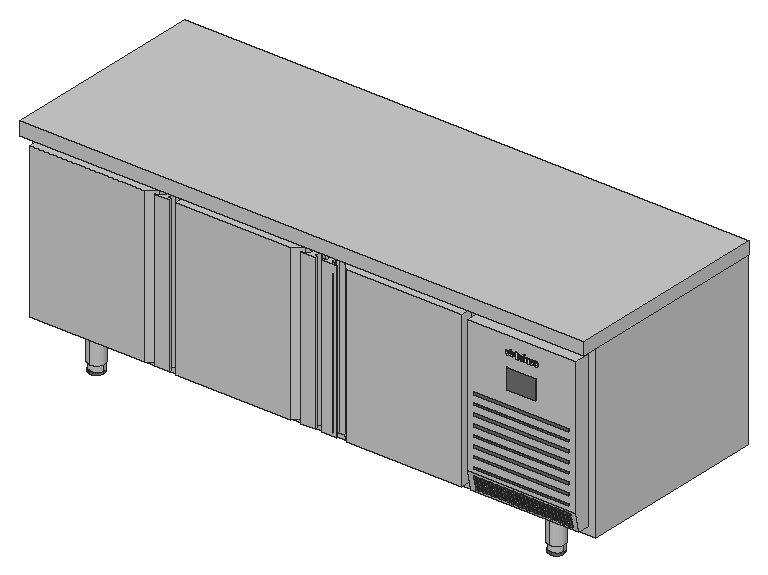
Revit family "QF_INFRICO_MR2190_250813022642", category Specialty Equipment, Revit 2021 (continued)
Definition of nested family "QF_INFRICO_LEGS_8026"
  Parameters (values of type "LEGS_2190_740")
    Default Elevation = 0 mm
    CentralLegs = if(or(Length > 2200 mm, Length = 2144 mm), 2 > 1, 2 < 1)  # no
    CSI MasterFormat [instance] = ""
    CE Approved [instance] = yes
    Barcode [instance] = ""
    Author [instance] = ""
    Asset Identifier [instance] = ""
    Assembly Code = "E1090320"
    Accessory [instance] = yes
  Types (29, lengths in mm): name | Model | Length | Height | Depth | CentralLegs
    LEGS_1960_700 | "LEGS_1960_700" | 1960 | 140 | 700 | no
    LEGS_1470_700 | "LEGS_1470_700" | 1468 | 140 | 700 | no
    LEGS_2450_700 | "LEGS_2450_700" | 2452 | 140 | 700 | yes
    LEGS_1470_600 | "LEGS_1470_600" | 1468 | 140 | 600 | no
    LEGS_1960_600 | "LEGS_1960_600" | 1960 | 140 | 600 | no
    LEGS_2450_600 | "LEGS_2450_600" | 2452 | 140 | 600 | yes
    LEGS_1610_800 | "LEGS_1610_800" | 1618 | 140 | 800 | no
    LEGS_2190_800 | "LEGS_2190_800" | 2185 | 140 | 800 | no
    LEGS_2750_800 | "LEGS_2750_800" | 2752 | 140 | 800 | yes
    LEGS_1160_700 | "LEGS_1160_700" | 1160 | 140 | 700 | no
    LEGS_1650_700 | "LEGS_1650_700" | 1652 | 140 | 700 | no
    LEGS_2140_700 | "LEGS_2140_700" | 2144 | 140 | 700 | yes
    LEGS_1960_640 | "LEGS_1960_640" | 1960 | 140 | 638 | no
    LEGS_1470_640 | "LEGS_1470_640" | 1468 | 140 | 638 | no
    LEGS_1160_600 | "LEGS_1160_600" | 1160 | 140 | 600 | no
    LEGS_1650_600 | "LEGS_1650_600" | 1652 | 140 | 600 | no
    LEGS_1310_800 | "LEGS_1310_800" | 1310 | 140 | 800 | no
    LEGS_1890_800 | "LEGS_1890_800" | 1877 | 140 | 800 | no
    LEGS_2440_800 | "LEGS_2440_800" | 2444 | 140 | 800 | yes
    LEGS_1610_740 | "LEGS_1610_740" | 1618 | 140 | 738 | no
    LEGS_2190_740 | "LEGS_2190_740" | 2185 | 140 | 738 | no
    LEGS_2140_600 | "LEGS_2140_600" | 2144 | 140 | 600 | yes
    LEGS_980_800 | "LEGS_980_800" | 980 | 150 | 800 | no
    LEGS_1470_800 | "LEGS_1470_800" | 1468 | 150 | 800 | no
    LEGS_1740_800 | "LEGS_1740_800" | 1738 | 140 | 800 | no
    LEGS_2300_800 | "LEGS_2300_800" | 2305 | 140 | 800 | yes
    LEGS_1690_800 | "LEGS_1690_800" | 1693 | 140 | 800 | no
    LEGS_2260_800 | "LEGS_2260_800" | 2260 | 140 | 800 | yes
    LEGS_1460_700 | "LEGS_1460_700" | 1460 | 140 | 700 | no
  Reference planes
    plane 1 "Back": y = 0
    plane 2: z = 0
    plane 3 "Left": x = 0
    plane 4 "Right": x = 2185
    plane 5 "Front": y = -738
    plane 6 "Top": z = 140
    plane 7 "Central": x = 1092.5
  Forms (mm)
    Extrusion 1, solid
      sketch origin (0, 0, 140) x (0, 1, 0) y (-1, 0, 0)
        loop
          line (-568, -154.986) -> (-668, -154.986) -> (-668, -244.986) -> (-568, -244.986) -> (-568, -154.986)
      from 0 to -3
    Extrusion 2, solid
      sketch origin (0, 0, 0) x (1, 0, 0) y (0, 1, 0)
        loop
          circle (199.986, -618) r 28
      from 9 to 35
    Extrusion 3, solid
      sketch origin (0, 0, 0) x (1, 0, 0) y (0, 1, 0)
        loop
          circle (199.986, -618) r 28.5
      from 0 to 9
    Sweep 4, solid
      path origin (0, 0, 0) x (0, 1, 0) y (0, 0, 1)
        loop
          line (-618, 35) -> (-618, 137)
      profile origin (0, -618, 86) x (0, -1, 0) y (1, 0, 0)
        loop
          circle (0, 199.986) r 32
    Extrusion 5, solid
      sketch origin (0, 500, 140) x (0, 1, 0) y (-1, 0, 0)
        loop
          line (-530, -154.986) -> (-630, -154.986) -> (-630, -244.986) -> (-530, -244.986) -> (-530, -154.986)
      from 0 to -3
    Extrusion 6, solid
      sketch origin (0, 500, 0) x (1, 0, 0) y (0, 1, 0)
        loop
          circle (199.986, -580) r 28
      from 9 to 35
    Extrusion 7, solid
      sketch origin (0, 500, 0) x (1, 0, 0) y (0, 1, 0)
        loop
          circle (199.986, -580) r 28.5
      from 0 to 9
    Sweep 8, solid
      path origin (0, 500, 0) x (0, 1, 0) y (0, 0, 1)
        loop
          line (-580, 35) -> (-580, 137)
      profile origin (0, -80, 86) x (0, -1, 0) y (1, 0, 0)
        loop
          circle (0, 199.986) r 32
    Extrusion 9, solid
      sketch origin (1560, 0, 140) x (0, 1, 0) y (-1, 0, 0)
        loop
          line (-568, -379.986) -> (-668, -379.986) -> (-668, -469.986) -> (-568, -469.986) -> (-568, -379.986)
      from 0 to -3
    Extrusion 10, solid
      sketch origin (1560, 0, 0) x (1, 0, 0) y (0, 1, 0)
        loop
          circle (424.986, -618) r 28
      from 9 to 35
    Extrusion 11, solid
      sketch origin (1560, 0, 0) x (1, 0, 0) y (0, 1, 0)
        loop
          circle (424.986, -618) r 28.5
      from 0 to 9
    Sweep 12, solid
      path origin (2185, 0, 0) x (0, -1, 0) y (0, 0, 1)
        loop
          line (618, 35) -> (618, 137)
      profile origin (2185, -618, 86) x (0, 1, 0) y (-1, 0, 0)
        loop
          circle (0, 199.986) r 32
    Extrusion 13, solid
      sketch origin (1560, 500, 140) x (0, 1, 0) y (-1, 0, 0)
        loop
          line (-530, -379.986) -> (-630, -379.986) -> (-630, -469.986) -> (-530, -469.986) -> (-530, -379.986)
      from 0 to -3
    Extrusion 14, solid
      sketch origin (1560, 500, 0) x (1, 0, 0) y (0, 1, 0)
        loop
          circle (424.986, -580) r 28
      from 9 to 35
    Extrusion 15, solid
      sketch origin (1560, 500, 0) x (1, 0, 0) y (0, 1, 0)
        loop
          circle (424.986, -580) r 28.5
      from 0 to 9
    Sweep 16, solid
      path origin (2185, 0, 0) x (0, -1, 0) y (0, 0, 1)
        loop
          line (80, 35) -> (80, 137)
      profile origin (2185, -80, 86) x (0, 1, 0) y (-1, 0, 0)
        loop
          circle (0, 199.986) r 32
    Extrusion 17, solid, visible <- "CentralLegs"
      sketch origin (534.014, 0, 140) x (0, 1, 0) y (-1, 0, 0)
        loop
          line (-568, -513.486) -> (-668, -513.486) -> (-668, -603.486) -> (-568, -603.486) -> (-568, -513.486)
      from 0 to -3
    Extrusion 18, solid, visible <- "CentralLegs"
      sketch origin (534.014, 0, 0) x (1, 0, 0) y (0, 1, 0)
        loop
          circle (558.486, -618) r 28
      from 9 to 35
    Extrusion 19, solid, visible <- "CentralLegs"
      sketch origin (534.014, 0, 0) x (1, 0, 0) y (0, 1, 0)
        loop
          circle (558.486, -618) r 28.5
      from 0 to 9
    Sweep 20, solid, visible <- "CentralLegs"
      path origin (1092.5, 0, 0) x (0, -1, 0) y (0, 0, 1)
        loop
          line (618, 35) -> (618, 137)
      profile origin (1092.5, -618, 86) x (0, 1, 0) y (-1, 0, 0)
        loop
          circle (0, -0.014) r 32
    Extrusion 21, solid, visible <- "CentralLegs"
      sketch origin (534.014, 500, 140) x (0, 1, 0) y (-1, 0, 0)
        loop
          line (-530, -513.486) -> (-630, -513.486) -> (-630, -603.486) -> (-530, -603.486) -> (-530, -513.486)
      from 0 to -3
    Extrusion 22, solid, visible <- "CentralLegs"
      sketch origin (534.014, 500, 0) x (1, 0, 0) y (0, 1, 0)
        loop
          circle (558.486, -580) r 28
      from 9 to 35
    Extrusion 23, solid, visible <- "CentralLegs"
      sketch origin (534.014, 500, 0) x (1, 0, 0) y (0, 1, 0)
        loop
          circle (558.486, -580) r 28.5
      from 0 to 9
    Sweep 24, solid, visible <- "CentralLegs"
      path origin (1092.5, 0, 0) x (0, -1, 0) y (0, 0, 1)
        loop
          line (80, 35) -> (80, 137)
      profile origin (1092.5, -80, 86) x (0, 1, 0) y (-1, 0, 0)
        loop
          circle (0, -0.014) r 32
  Dimensions and locks
    "Length": plane 3 "Left" to plane 4 "Right"
    "Depth": plane 1 "Back" to plane 5 "Front"
    "Height": plane 6 "Top" to plane 2
    equal spacing: plane 3 "Left", plane 7 "Central", plane 4 "Right"
    locked: Sweep 20 sketch curve to profile plane at 0.014
    locked: Sweep 24 sketch curve to profile plane at 0.014
    aligned and locked: level to plane 2
  Automatic sketch dimensions
    plane 5 "Front" to Extrusion 1 sketch curve = 70 mm
    Extrusion 1 sketch curve to Extrusion 1 sketch curve = 100 mm
    plane 3 "Left" to Extrusion 1 sketch curve = 244.986 mm
    Extrusion 1 sketch curve to Extrusion 1 sketch curve = 90 mm
    plane 3 "Left" to Extrusion 2 sketch curve = 199.986 mm
    plane 5 "Front" to Extrusion 2 sketch curve = 120 mm
    plane 3 "Left" to Extrusion 3 sketch curve = 199.986 mm
    plane 5 "Front" to Extrusion 3 sketch curve = 120 mm
    Sweep 4 sketch curve to plane 6 "Top" = 3 mm
    plane 5 "Front" to Sweep 4 sketch curve = 120 mm
    level to Sweep 4 sketch curve = 35 mm
    Sweep 4 sketch curve to profile plane = 0 mm
    plane 3 "Left" to Sweep 4 sketch curve = 199.986 mm
    plane 1 "Back" to Extrusion 5 sketch curve = 130 mm
    plane 1 "Back" to Extrusion 5 sketch curve = 30 mm
    plane 3 "Left" to Extrusion 5 sketch curve = 244.986 mm
    Extrusion 5 sketch curve to Extrusion 5 sketch curve = 90 mm
    plane 1 "Back" to Extrusion 6 sketch curve = 80 mm
    plane 3 "Left" to Extrusion 6 sketch curve = 199.986 mm
    plane 1 "Back" to Extrusion 7 sketch curve = 80 mm
    plane 3 "Left" to Extrusion 7 sketch curve = 199.986 mm
    Sweep 8 sketch curve to plane 6 "Top" = 3 mm
    plane 1 "Back" to Sweep 8 sketch curve = 80 mm
    level to Sweep 8 sketch curve = 35 mm
    Sweep 8 sketch curve to profile plane = 0 mm
    plane 3 "Left" to Sweep 8 sketch curve = 199.986 mm
    plane 5 "Front" to Extrusion 9 sketch curve = 70 mm
    Extrusion 9 sketch curve to Extrusion 9 sketch curve = 100 mm
    plane 4 "Right" to Extrusion 9 sketch curve = 155.014 mm
    Extrusion 9 sketch curve to Extrusion 9 sketch curve = 90 mm
    plane 4 "Right" to Extrusion 10 sketch curve = 200.014 mm
    plane 5 "Front" to Extrusion 10 sketch curve = 120 mm
    plane 4 "Right" to Extrusion 11 sketch curve = 200.014 mm
    plane 5 "Front" to Extrusion 11 sketch curve = 120 mm
    Sweep 12 sketch curve to profile plane = 0 mm
    profile plane to Sweep 12 sketch curve = 199.986 mm
    plane 1 "Back" to Extrusion 13 sketch curve = 130 mm
    plane 1 "Back" to Extrusion 13 sketch curve = 30 mm
    plane 4 "Right" to Extrusion 13 sketch curve = 155.014 mm
    Extrusion 13 sketch curve to Extrusion 13 sketch curve = 90 mm
    plane 1 "Back" to Extrusion 14 sketch curve = 80 mm
    plane 4 "Right" to Extrusion 14 sketch curve = 200.014 mm
    plane 1 "Back" to Extrusion 15 sketch curve = 80 mm
    plane 4 "Right" to Extrusion 15 sketch curve = 200.014 mm
    Sweep 16 sketch curve to profile plane = 0 mm
    profile plane to Sweep 16 sketch curve = 199.986 mm
    plane 5 "Front" to Extrusion 17 sketch curve = 70 mm
    Extrusion 17 sketch curve to plane 7 "Central" = 45 mm
    Extrusion 17 sketch curve to Extrusion 17 sketch curve = 100 mm
    plane 7 "Central" to Extrusion 17 sketch curve = 45 mm
    Extrusion 18 sketch curve to plane 7 "Central" = 0 mm
    plane 5 "Front" to Extrusion 18 sketch curve = 120 mm
    Extrusion 19 sketch curve to plane 7 "Central" = 0 mm
    plane 5 "Front" to Extrusion 19 sketch curve = 120 mm
    Sweep 20 sketch curve to profile plane = 0 mm
    plane 7 "Central" to Extrusion 21 sketch curve = 45 mm
    plane 1 "Back" to Extrusion 21 sketch curve = 130 mm
    plane 1 "Back" to Extrusion 21 sketch curve = 30 mm
    Extrusion 21 sketch curve to plane 7 "Central" = 45 mm
    Extrusion 22 sketch curve to plane 7 "Central" = 0 mm
    plane 1 "Back" to Extrusion 22 sketch curve = 80 mm
    Extrusion 23 sketch curve to plane 7 "Central" = 0 mm
    plane 1 "Back" to Extrusion 23 sketch curve = 80 mm
    Sweep 24 sketch curve to profile plane = 0 mm
    Sweep 16 sketch curve to plane 6 "Top" = 3 mm
    plane 1 "Back" to Sweep 16 sketch curve = 80 mm
    level to Sweep 16 sketch curve = 35 mm
    Sweep 12 sketch curve to plane 6 "Top" = 3 mm
    plane 5 "Front" to Sweep 12 sketch curve = 120 mm
    level to Sweep 12 sketch curve = 35 mm
    Sweep 20 sketch curve to plane 6 "Top" = 3 mm
    plane 5 "Front" to Sweep 20 sketch curve = 120 mm
    level to Sweep 20 sketch curve = 35 mm
    Sweep 24 sketch curve to plane 6 "Top" = 3 mm
    plane 1 "Back" to Sweep 24 sketch curve = 80 mm
    level to Sweep 24 sketch curve = 35 mm
    radius of Extrusion 2 sketch curve = 28 mm
    radius of Extrusion 3 sketch curve = 28.5 mm
    radius of Sweep 4 sketch curve = 32 mm
    radius of Extrusion 6 sketch curve = 28 mm
    radius of Extrusion 7 sketch curve = 28.5 mm
    radius of Sweep 8 sketch curve = 32 mm
    radius of Extrusion 10 sketch curve = 28 mm
    radius of Extrusion 11 sketch curve = 28.5 mm
    radius of Sweep 12 sketch curve = 32 mm
    radius of Extrusion 14 sketch curve = 28 mm
    radius of Extrusion 15 sketch curve = 28.5 mm
    radius of Sweep 16 sketch curve = 32 mm
    radius of Extrusion 18 sketch curve = 28 mm
    radius of Extrusion 19 sketch curve = 28.5 mm
    radius of Sweep 20 sketch curve = 32 mm
    radius of Extrusion 22 sketch curve = 28 mm
    radius of Extrusion 23 sketch curve = 28.5 mm
    radius of Sweep 24 sketch curve = 32 mm
Definition of nested family "CONN_POINT_DRAIN_2D___Generic_Annotation"
  Parameters (values of type "CONN_POINT_DRAIN_2D___Generic_Annotation")
    Onboard connection annotation symbol visibility [instance] = yes
  Reference planes
    plane 1: y = 0
    plane 2: x = 0
  Lines and regions (mm)
    detail lines, visible <- "Onboard connection annotation symbol visibility"
      curve 1: circle (0, 0, 0) r 0.5 normal (0, 0, 1)
      curve 2: line (-1, 0, 0) -> (1, 0, 0)
      curve 3: line (0, 1, 0) -> (0, -1, 0)
      curve 4: line (1.776, 1, 0) -> (1.25, 1, 0)
      curve 5: line (1.25, 1, 0) -> (1.25, -1, 0)
      curve 6: line (1.25, -1, 0) -> (1.776, -1, 0)
      curve 7: arc (2.206, -0.862, 0) -> (2.459, -0.589, 0) -> (2.583, -0.238, 0) r 0.918
      curve 8: arc (2.583, 0.238, 0) -> (2.459, 0.589, 0) -> (2.206, 0.862, 0) r 0.918
      curve 9: arc (2.583, -0.238, 0) -> (2.599, 0, 0) -> (2.583, 0.238, 0) r 1.77
      curve 10: arc (2.206, 0.862, 0) -> (2.002, 0.965, 0) -> (1.776, 1, 0) r 0.741
      curve 11: arc (1.776, -1, 0) -> (2.002, -0.965, 0) -> (2.206, -0.862, 0) r 0.741
Definition of nested family "CONN_POINT_ELE_2D___Generic_Annotation"
  Parameters (values of type "CONN_POINT_ELE_2D___Generic_Annotation")
    Onboard connection annotation symbol visibility [instance] = yes
  Reference planes
    plane 1: y = 0
    plane 2: x = 0
  Lines and regions (mm)
    detail lines, visible <- "Onboard connection annotation symbol visibility"
      curve 1: circle (0, 0, 0) r 0.5 normal (0, 0, 1)
      curve 2: line (-1, 0, 0) -> (1, 0, 0)
      curve 3: line (0, 1, 0) -> (0, -1, 0)
      curve 4: line (2.5, 1, 0) -> (1.25, 1, 0)
      curve 5: line (1.25, 1, 0) -> (1.25, -1, 0)
      curve 6: line (1.25, -1, 0) -> (2.5, -1, 0)
      curve 7: line (1.25, 0, 0) -> (2, 0, 0)
